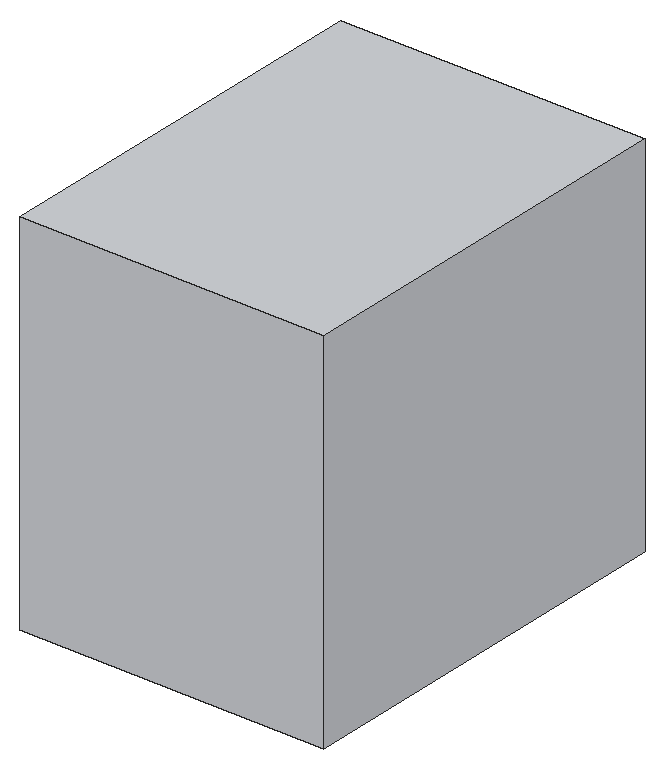
Revit family "PRD_FrankeWS_UninterruptiblePowerSupplyUPSUnits_ZAQUA006", category Electrical Equipment, Revit 2018
Family settings
  Round Connector Dimension = Use Diameter
  Part Type = Transformer
  OmniClass Number = 23.45.55.11
  OmniClass Title = Sanitary Components
  Work Plane-Based = No
  Always vertical = Yes
  Cut with Voids When Loaded = No
  Shared = No
  Room Calculation Point = No
Parameters (values of type "ZAQUA006")
  WarrantyStartDate [instance] = "1900-12-31T23:59:59"
  WarrantyGuarantorParts = "n/a"
  WarrantyGuarantorLabor = "n/a"
  WarrantyDurationUnit = "year"
  WarrantyDurationParts = "n/a"
  WarrantyDurationLabor = "n/a"
  WarrantyDescription = "n/a"
  Voltage = "230"
  Version = "1"
  Uniclass2015Version = "Products v1.7"
  Uniclass2015Title = "Uninterruptible power supply (UPS) units"
  Uniclass2015Code = "Pr_60_70_64_93"
  URL = "www.kwc.com"
  TagNumber [instance] = "n/a"
  SustainabilityPerformance = "n/a"
  Size = "115 x 162 x 152 mm"
  Shape = "n/a"
  SerialNumber [instance] = "n/a"
  SecondaryVoltage = 24 V
  SecondaryFrequency = 0 Hz
  SecondaryCurrentType = "DC"
  SecondaryCurrent = 0 A
  SecondaryApparentPower = 0 VA
  Revision = "n/a"
  ReplacementCost = "n/a"
  ProductInformation = "https://pim.kwc.com/product/2000100977/attachment/datasheet?locale=en"
  PrimaryVoltage = 230 V
  PrimaryFrequency = 50 Hz
  PrimaryCurrent = 0 A
  PrimaryApparentPower = 0 VA
  PowerSupplyMaterial = none
  NominalWidth = 115 mm
  NominalLength = 152 mm
  NominalHeight = 162 mm
  NetWeight = 3.42 kg
  Name = "Uninterruptible power supply ZAQUA006"
  NBSTypeID = "n/a"
  NBSReference = "90-60-40/410"
  NBSOfficeMasterTag = "n/a"
  NBSNote = "n/a"
  NBSDescription = "Uninterruptible power supply (UPS) unit"
  NBSCertification = "n/a"
  ModelReference = "ZAQUA006"
  ModelNumber = "2000100977"
  Model = ModelReference  # "ZAQUA006"
  MaximumApparentPower = 0 VA
  Material = "n/a"
  ManufacturerURL = "www.kwc.com"
  ManufacturerName = "KWC Group AG"  # constant formula
  Manufacturer = ManufacturerName  # "KWC Group AG"
  InstallationDate [instance] = "1900-12-31T23:59:59"
  IfcExportType = "NOTDEFINED"
  IfcExportAs = "IfcTransformerType"
  IP_Code = "IP20"
  GrossWeight = 3.76 kg
  Grade = "n/a"
  Finish = "n/a"
  Features = "n/a"
  ExpectedLife = "n/a"
  DurationUnit = "year"
  Description = "Uninterruptible power supply - A3000 open for connection to ECC function controller, 24 V DC / 3.2 Ah."
  Constituents = "n/a"
  Color = "n/a"
  CodePerformance = "n/a"
  Category = "Pr_60_70_64_93, Uninterruptible power supply (UPS) units"
  BarCode [instance] = "n/a"
  BIMObjectName = "PRD_AR_UninterruptiblePowerSupplyUPSUnits_ZAQUA006"
  Author = "Archispace"  # constant formula
  AssetType = "Fixed"
  AssetIdentifier [instance] = "n/a"
  AccessibilityPerformance = "n/a"
Reference planes
  plane 1 "Center (Front/Back)": y = 0
  plane 2: z = 0
  plane 3 "Center (Left/Right)": x = 0
Forms (mm)
  Extrusion 1, solid, material <- "PowerSupplyMaterial"
    sketch origin (0, 0, 0) x (1, 0, 0) y (0, 0, 1)
      loop
        line (-57.5, 0) -> (57.5, 0) -> (57.5, 140) -> (-57.5, 140) -> (-57.5, 0)
    from 0 to 152
Dimensions and locks
  aligned and locked: level to plane 2
Connectors
  electrical at (0, -76, 0)
    settings: on Extrusion 1, index 1, voltage 230 V, apparent load 0 VA, apparent load phase1 0 VA, apparent load phase2 0 VA, apparent load phase3 0 VA, power factor 1, load classification "Other", number of poles 1, system type 30, power factor state 1, is connector primary yes, connector utility no, sub classification motor no, connector description ""
